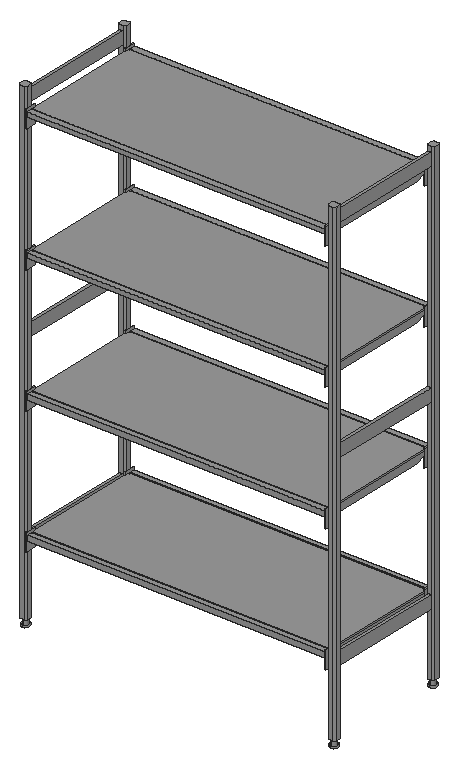
Revit family "QF_ELECTROLUXPROFESSIONAL_137034_BLS1126", category Attrezzature speciali, Revit 2020
Family settings
  Quota connettore circolare = Usa diametro
  Tipo di parte = Normale
  Basato su piano di lavoro = No
  Sempre verticale = Sì
  Taglio con vuoti quando caricato = No
  Condiviso = No
  Punto di calcolo locali = No
Parameters (values of type "Standard")
  Weight = 22.00 kg
  Watts = 0 W
  Volts = 0 V
  URL Manufacturer = "https://www.electroluxprofessional.com/"
  URL = "https://www.electroluxprofessional.com/"
  Steam Supply Size = 0 mm
  Steam Supply Minimum Pressure = 0.0 Pa
  Steam Supply Maximum Pressure = 0.0 Pa
  Steam Consumption per Hour = 0
  Refrigeration Suction Line Size = 0.0 mm
  Refrigeration Liquid Line Size = 0.0 mm
  Refrigerant Compressor Remote = yes
  Prospetto di default = 0.0 mm
  Phase = 0
  Modello = "BLS1126"
  Produttore = "Electrolux Professional"
  Length Actual = 1126.0 mm  # constant formula
  Item Number = "137034"
  Hot Water Size = 0 mm
  Height Actual = 1700.0 mm  # constant formula
  HP = "0 HP"
  Gas Size = 0 mm
  Gas KW = 0
  Gas Input Pressure = 0 W
  Direct Waste Size = 0 mm
  Descrizione = "ALUM.LINEAR SHELV.-POLY.TIERS-475X1126MM"
  Depth Actual = 475.0 mm  # constant formula
  Cycle = 0 Hz
  Condensate Return Size = 0 mm
  Compressed Air Volume = 0.0 L/s
  Compressed Air Size = 0 mm
  Compressed Air Pressure = 0.0 Pa
  Cold Water Size = 0 mm
  Accessory = yes
Reference planes
  plane 1: z = 0
  plane 2 "Center (Left/Right)": x = -31
  plane 3 "LEFT": x = -594
  plane 4 "RIGHT": x = 532
  plane 5 "BACK": y = 23
  plane 6 "FRONT": y = -452
  plane 7 "TOP": z = 1700
  plane 8: x = 527
  plane 9: x = -562
  plane 10: x = 500
  plane 11 "Center (Front/Back)": y = -214.5
  plane 12: x = 495
  plane 13: y = -8.5
  plane 14: y = -420.5
  plane 15 "FEET": z = 25
  plane 16: z = 275
  plane 17: z = 725
  plane 18: z = 1175
  plane 19: z = 1625
  plane 20 "CXLeft": x = -580
  plane 21 "CXRight": x = 518
  plane 22: y = 5.5
  plane 23 "CYBack": y = 5.5
  plane 24 "CYFront": y = -434.5
Forms (mm)
  Extrusion 1, solid, material "QF_Aluminum"
    sketch origin (-594, 0, 0) x (0, 1, 0) y (0, 0, 1)
      loop
        line (4, 1650.994) -> (4, 1632.998) -> (23, 1632.998) -> (23, 1650.994) -> (4, 1650.994)
      loop
        line (-433, 1650.994) -> (-452, 1650.994) -> (-452, 1632.998) -> (-433, 1632.998) -> (-433, 1650.994)
      loop
        line (4, 1200.994) -> (4, 1182.998) -> (23, 1182.998) -> (23, 1200.994) -> (4, 1200.994)
      loop
        line (-433, 1200.994) -> (-452, 1200.994) -> (-452, 1182.998) -> (-433, 1182.998) -> (-433, 1200.994)
      loop
        line (4, 750.994) -> (4, 732.998) -> (23, 732.998) -> (23, 750.994) -> (4, 750.994)
      loop
        line (-433, 750.994) -> (-452, 750.994) -> (-452, 732.998) -> (-433, 732.998) -> (-433, 750.994)
      loop
        line (4, 300.994) -> (4, 282.998) -> (23, 282.998) -> (23, 300.994) -> (4, 300.994)
      loop
        line (-433, 300.994) -> (-452, 300.994) -> (-452, 282.998) -> (-433, 282.998) -> (-433, 300.994)
    from 32 to 1094
  Extrusion 2, solid, material "QF_Polyethylene"
    sketch origin (-594, 0, 0) x (0, 1, 0) y (0, 0, 1)
      loop
        line (2.007, 1650.994) -> (-431, 1650.994) -> (-431, 1644.496) -> (2.007, 1644.496) -> (2.007, 1650.994)
      loop
        line (2.007, 1200.994) -> (-431, 1200.994) -> (-431, 1194.496) -> (2.007, 1194.496) -> (2.007, 1200.994)
      loop
        line (2.007, 750.994) -> (-431, 750.994) -> (-431, 744.496) -> (2.007, 744.496) -> (2.007, 750.994)
      loop
        line (2.007, 300.994) -> (-431, 300.994) -> (-431, 294.496) -> (2.007, 294.496) -> (2.007, 300.994)
    from 32 to 1094
  Extrusion 3, solid, material "QF_Aluminum"
    sketch origin (532, 0, 0) x (0, 1, 0) y (0, 0, 1)
      loop
        line (-12, 1632.998) -> (4, 1632.998) -> (4, 1650.994) -> (2.007, 1650.994) -> (2.007, 1644.496) -> (-431, 1644.496) -> (-431, 1650.994) -> (-433, 1650.994) -> (-433, 1632.998) -> (-417, 1632.998) -> (-383, 1620.994) -> (-46, 1620.994) -> (-12, 1632.998)
      loop
        line (-12, 1182.998) -> (4, 1182.998) -> (4, 1200.994) -> (2.007, 1200.994) -> (2.007, 1194.496) -> (-431, 1194.496) -> (-431, 1200.994) -> (-433, 1200.994) -> (-433, 1182.998) -> (-417, 1182.998) -> (-383, 1170.994) -> (-46, 1170.994) -> (-12, 1182.998)
      loop
        line (-12, 732.998) -> (4, 732.998) -> (4, 750.994) -> (2.007, 750.994) -> (2.007, 744.496) -> (-431, 744.496) -> (-431, 750.994) -> (-433, 750.994) -> (-433, 732.998) -> (-417, 732.998) -> (-383, 720.994) -> (-46, 720.994) -> (-12, 732.998)
      loop
        line (-12, 282.998) -> (4, 282.998) -> (4, 300.994) -> (2.007, 300.994) -> (2.007, 294.496) -> (-431, 294.496) -> (-431, 300.994) -> (-433, 300.994) -> (-433, 282.998) -> (-417, 282.998) -> (-383, 270.994) -> (-46, 270.994) -> (-12, 282.998)
    from -32 to -37
Lines and regions (mm)
  symbolic lines
    curve 1: line (500, 4, 1700) -> (-562, 4, 1700)
    curve 2: line (-566, 23, 1700) -> (504, 23, 1700)
    curve 3: line (504, 13.246, 1700) -> (510.254, 19.5, 1700)
    curve 4: line (510.254, -8.5, 1700) -> (504, -2.246, 1700)
    curve 5: line (510.254, -420.5, 1700) -> (504, -426.754, 1700)
    curve 6: line (-566, -452, 1700) -> (504, -452, 1700)
    curve 7: line (504, 23, 1700) -> (504, -12.993, 1700)
    curve 8: line (504, -12.993, 1700) -> (500, -12.993, 1700)
    curve 9: line (504, -452, 1700) -> (504, -416.007, 1700)
    curve 10: line (504, -416.007, 1700) -> (500, -416.007, 1700)
    curve 11: line (-562, -12.993, 1700) -> (-562, -416.007, 1700)
    curve 12: line (-562, -433, 1700) -> (500, -433, 1700)
    curve 13: line (500, -12.993, 1700) -> (500, -416.007, 1700)
Dimensions and locks
  locked: plane 3 "LEFT" to plane 4 "RIGHT" at 1126
  equal spacing: plane 3 "LEFT", plane 2 "Center (Left/Right)", plane 4 "RIGHT"
  locked: plane 7 "TOP" to level at 1700
  locked: plane 5 "BACK" to plane 6 "FRONT" at 475
  locked: plane 4 "RIGHT" to plane 8 at 5
  locked: plane 9 to plane 10 at 1062
  locked: plane 3 "LEFT" to plane 9 at 32
  plane 12 to plane 10 = 5.0 mm
  locked: plane 13 to plane 14 at 412
  equal spacing: plane 13, plane 11 "Center (Front/Back)", plane 14
  equal spacing: plane 5 "BACK", plane 11 "Center (Front/Back)", plane 6 "FRONT"
  plane 15 "FEET" to level = 25.0 mm
  plane 7 "TOP" to plane 15 "FEET" = 1675.0 mm
  plane 16 to plane 15 "FEET" = 250.0 mm
  plane 17 to plane 16 = 450.0 mm
  plane 18 to plane 17 = 450.0 mm
  plane 19 to plane 18 = 450.0 mm
  locked: plane 3 "LEFT" to plane 20 "CXLeft" at 14
  locked: plane 21 "CXRight" to plane 4 "RIGHT" at 14
  locked: plane 5 "BACK" to plane 23 "CYBack" at 17.5
  locked: plane 24 "CYFront" to plane 6 "FRONT" at 17.5
  aligned and locked: level to plane 1
  aligned and locked: plane 9 to Extrusion 2
  aligned and locked: Extrusion 2 to plane 10
  aligned and locked: plane 9 to Extrusion 1
  aligned and locked: Extrusion 1 to plane 10
  aligned and locked: Extrusion 1 sketch curve to Extrusion 1 sketch curve  (x2)
  aligned and locked: Extrusion 3 sketch curve to Extrusion 3 sketch curve  (x3)
  aligned and locked: Extrusion 3 to plane 12
  aligned and locked: Extrusion 3 to plane 10
  aligned and locked: nested 1 to plane 20 "CXLeft"
  aligned and locked: nested 2 to plane 21 "CXRight"
Automatic sketch dimensions
  Extrusion 1 sketch curve to plane 6 "FRONT" = 0.0 mm  (x4)
  Extrusion 1 sketch curve to plane 5 "BACK" = 0.0 mm  (x4)
  plane 24 "CYFront" to Extrusion 1 sketch curve = 1.5 mm  (x2)
  plane 22 to Extrusion 1 sketch curve = 1.5 mm  (x4)
  plane 16 to Extrusion 1 sketch curve = 7.998 mm  (x2)
  Extrusion 1 sketch curve to Extrusion 1 sketch curve = 17.997 mm  (x8)
  plane 17 to Extrusion 1 sketch curve = 7.998 mm  (x2)
  plane 18 to Extrusion 1 sketch curve = 7.998 mm  (x2)
  plane 19 to Extrusion 1 sketch curve = 7.998 mm  (x2)
  plane 24 "CYFront" to Extrusion 2 sketch curve = 3.5 mm  (x4)
  plane 22 to Extrusion 2 sketch curve = 3.493 mm  (x4)
  plane 16 to Extrusion 2 sketch curve = 19.496 mm
  Extrusion 2 sketch curve to Extrusion 2 sketch curve = 6.499 mm  (x4)
  plane 17 to Extrusion 2 sketch curve = 19.496 mm
  plane 18 to Extrusion 2 sketch curve = 19.496 mm
  plane 19 to Extrusion 2 sketch curve = 19.496 mm
  plane 24 "CYFront" to Extrusion 3 sketch curve = 1.5 mm  (x4)
  Extrusion 3 sketch curve to Extrusion 3 sketch curve = 2.0 mm
  plane 14 to Extrusion 3 sketch curve = 3.5 mm  (x4)
  Extrusion 3 sketch curve to plane 16 = 4.006 mm
  Extrusion 3 sketch curve to Extrusion 3 sketch curve = 34.0 mm  (x4)
  Extrusion 3 sketch curve to plane 17 = 4.006 mm
  Extrusion 3 sketch curve to plane 18 = 4.006 mm
  Extrusion 3 sketch curve to plane 19 = 4.006 mm
  Extrusion 3 sketch curve to plane 13 = 37.5 mm  (x4)
  Extrusion 3 sketch curve to plane 13 = 3.5 mm  (x4)
  plane 22 to Extrusion 3 sketch curve = 3.493 mm  (x4)
  plane 22 to Extrusion 3 sketch curve = 1.5 mm  (x4)
  plane 16 to Extrusion 3 sketch curve = 7.998 mm  (x2)
  Extrusion 3 sketch curve to Extrusion 3 sketch curve = 11.498 mm  (x4)
  Extrusion 3 sketch curve to Extrusion 3 sketch curve = 6.499 mm  (x8)
  plane 17 to Extrusion 3 sketch curve = 7.998 mm  (x2)
  plane 18 to Extrusion 3 sketch curve = 7.998 mm  (x2)
  plane 19 to Extrusion 3 sketch curve = 7.998 mm  (x2)
  curve 6 to plane 6 "FRONT" = 0.0 mm
  curve 12 to plane 9 = 0.0 mm
  curve 12 to plane 10 = 0.0 mm
  curve 5 to plane 14 = 0.0 mm
  curve 11 to plane 9 = 0.0 mm
  curve 8 to plane 10 = 0.0 mm
  curve 4 to plane 13 = 0.0 mm
  curve 1 to plane 9 = 0.0 mm
  curve 1 to plane 10 = 0.0 mm
  curve 2 to plane 5 "BACK" = 0.0 mm
  plane 14 to curve 10 = 4.493 mm
  curve 7 to plane 13 = 4.493 mm
  curve 10 to plane 10 = 4.0 mm
  curve 7 to plane 10 = 4.0 mm
  plane 24 "CYFront" to curve 12 = 1.5 mm
  curve 5 to plane 14 = 6.254 mm
  plane 14 to curve 11 = 4.493 mm
  curve 11 to plane 13 = 4.493 mm
  plane 13 to curve 4 = 6.254 mm
  plane 22 to curve 1 = 1.5 mm
  curve 3 to plane 22 = 7.746 mm
  curve 3 to plane 5 "BACK" = 3.5 mm
  curve 5 to curve 9 = 6.254 mm
  curve 3 to curve 2 = 6.254 mm
  curve 4 to curve 7 = 6.254 mm
  plane 9 to curve 2 = 4.0 mm
  plane 9 to curve 6 = 4.0 mm
Nested families
  nested 1: "WT_Anta475" at (-177, 0, 0), type "WT_Anta475"
  nested 2: "WT_Anta475" at (115, 0, 0) x (-1, 0, 0) z (0, 0, 1), type "WT_Anta475"
Definition of nested family "WT_Anta475"
  Parameters
    WidthLeft = A + 64.0 mm  # 772.0 mm
    Width = 1606.0 mm
    Right = WidthLeft / 2  # 386.0 mm
    Default Elevation = 0.0 mm
    Left = -WidthLeft / 2  # -386.0 mm
    Height = 1725.0 mm
    FEET = 25.0 mm
    E = 0.0 mm
    Dint = Depth - 63.0 mm  # 412.0 mm
    Dext = Depth - 8.0 mm  # 467.0 mm
    Depth = 475.0 mm
    DX = (WidthLeft - A) / 2  # 32.0 mm
    B = 798.0 mm
    A = 708.0 mm
  Reference planes
    plane 1: z = 0
    plane 2 "LEFT": x = -417
    plane 3 "BACK": y = 23
    plane 4 "FRONT": y = -452
    plane 5 "TOP": z = 1725
    plane 6 "Center (Front/Back)": y = -214.5
    plane 7: y = -8.5
    plane 8: y = -420.5
    plane 9 "FEET": z = 25
    plane 10: z = 275
    plane 11: z = 725
    plane 12: z = 1175
    plane 13: z = 1625
    plane 14 "CXLeft": x = -403
    plane 15: y = 5.5
    plane 16 "CYBack": y = 5.5
    plane 17 "CYFront": y = -434.5
    plane 18: x = -385.031
    plane 19: x = -380.031
  Forms (mm)
    Extrusion 1, solid
      sketch origin (0, 0, 0) x (1, 0, 0) y (0, 1, 0)
        loop
          line (-417, 13.246) -> (-417, -2.246) -> (-410.746, -8.5) -> (-395.254, -8.5) -> (-389, -2.246) -> (-389, 13.246) -> (-395.254, 19.5) -> (-410.746, 19.5) -> (-417, 13.246)
      from 1725 to 25
    Extrusion 2, solid
      sketch origin (-417, 0, 0) x (0, 1, 0) y (0, 0, 1)
        loop
          line (23, 246.005) -> (23, 307.993) -> (-12.993, 307.993) -> (-12.993, 246.005) -> (23, 246.005)
        loop
          line (-452, 246.005) -> (-416.007, 246.005) -> (-416.007, 307.993) -> (-452, 307.993) -> (-452, 246.005)
        loop
          line (23, 696.005) -> (23, 757.993) -> (-12.993, 757.993) -> (-12.993, 696.005) -> (23, 696.005)
        loop
          line (-452, 696.005) -> (-416.007, 696.005) -> (-416.007, 757.993) -> (-452, 757.993) -> (-452, 696.005)
        loop
          line (23, 1146.005) -> (23, 1207.993) -> (-12.993, 1207.993) -> (-12.993, 1146.005) -> (23, 1146.005)
        loop
          line (-452, 1146.005) -> (-416.007, 1146.005) -> (-416.007, 1207.993) -> (-452, 1207.993) -> (-452, 1146.005)
        loop
          line (23, 1596.005) -> (23, 1657.993) -> (-12.993, 1657.993) -> (-12.993, 1596.005) -> (23, 1596.005)
        loop
          line (-452, 1596.005) -> (-416.007, 1596.005) -> (-416.007, 1657.993) -> (-452, 1657.993) -> (-452, 1596.005)
      from 28 to 32
    Revolve 3, solid
      sketch origin (-403, 0, 0) x (0, 1, 0) y (0, 0, 1)
        loop
          line (5.5, 25) -> (5.5, 0) -> (19, 0) -> (19, 5) -> (14, 5) -> (14, 25) -> (5.5, 25)
        axis (5.5, 25) -> (5.5, 0)
      angle from 0 to 360
    Extrusion 4, solid
      sketch origin (-403, 0, 0) x (0, 1, 0) y (0, 0, 1)
        loop
          line (-8.5, 912.382) -> (-8.5, 957.374) -> (-420.5, 957.374) -> (-420.5, 912.382) -> (-8.5, 912.382)
        loop
          line (-8.5, 1662.244) -> (-8.5, 1707.236) -> (-420.5, 1707.236) -> (-420.5, 1662.244) -> (-8.5, 1662.244)
      from -5 to 5
    Revolve 5, solid
      sketch origin (-403, -627, 0) x (0, -1, 0) y (0, 0, 1)
        loop
          line (-192.5, 25) -> (-192.5, 0) -> (-179, 0) -> (-179, 5) -> (-184, 5) -> (-184, 25) -> (-192.5, 25)
        axis (-192.5, 25) -> (-192.5, 0)
      angle from 0 to 360
    Extrusion 6, solid
      sketch origin (0, -627, 0) x (1, 0, 0) y (0, 1, 0)
        loop
          line (-417, 184.754) -> (-410.746, 178.5) -> (-395.254, 178.5) -> (-389, 184.754) -> (-389, 200.246) -> (-395.254, 206.5) -> (-410.746, 206.5) -> (-417, 200.246) -> (-417, 184.754)
      from 1725 to 25
    Extrusion 7, solid
      sketch origin (-417.031, -0.022, 0) x (0, 1, 0) y (0, 0, -1)
        loop
          line (-12, -1632.998) -> (-46, -1620.994) -> (-383, -1620.994) -> (-417, -1632.998) -> (-433, -1632.998) -> (-433, -1650.994) -> (-431, -1650.994) -> (-431, -1644.496) -> (2.007, -1644.496) -> (2.007, -1650.994) -> (4, -1650.994) -> (4, -1632.998) -> (-12, -1632.998)
        loop
          line (-12, -1182.998) -> (-46, -1170.994) -> (-383, -1170.994) -> (-417, -1182.998) -> (-433, -1182.998) -> (-433, -1200.994) -> (-431, -1200.994) -> (-431, -1194.496) -> (2.007, -1194.496) -> (2.007, -1200.994) -> (4, -1200.994) -> (4, -1182.998) -> (-12, -1182.998)
        loop
          line (-12, -732.998) -> (-46, -720.994) -> (-383, -720.994) -> (-417, -732.998) -> (-433, -732.998) -> (-433, -750.994) -> (-431, -750.994) -> (-431, -744.496) -> (2.007, -744.496) -> (2.007, -750.994) -> (4, -750.994) -> (4, -732.998) -> (-12, -732.998)
        loop
          line (-12, -282.998) -> (-46, -270.994) -> (-383, -270.994) -> (-417, -282.998) -> (-433, -282.998) -> (-433, -300.994) -> (-431, -300.994) -> (-431, -294.496) -> (2.007, -294.496) -> (2.007, -300.994) -> (4, -300.994) -> (4, -282.998) -> (-12, -282.998)
      from -32 to -37
    Extrusion 8, solid
      sketch origin (-403, 0, -659.878) x (0, 1, 0) y (0, 0, 1)
        loop
          line (-8.5, 912.382) -> (-8.5, 957.374) -> (-420.5, 957.374) -> (-420.5, 912.382) -> (-8.5, 912.382)
        loop
          line (-8.5, 1572.382) -> (-8.5, 1617.374) -> (-420.5, 1617.374) -> (-420.5, 1572.382) -> (-8.5, 1572.382)
        loop
          line (-8.5, 2322.382) -> (-8.5, 2367.374) -> (-420.5, 2367.374) -> (-420.5, 2322.382) -> (-8.5, 2322.382)
      from -5 to 5
  Lines and regions (mm)
    symbolic lines
      curve 1: line (-408, -8.5, 1725) -> (-408, -420.5, 1725)
      curve 2: line (-398, -420.5, 1725) -> (-398, -8.5, 1725)
      curve 3: line (-395.254, -8.5, 1725) -> (-410.746, -8.5, 1725)
      curve 4: line (-417, -2.246, 1725) -> (-410.746, -8.5, 1725)
      curve 5: line (-417, 13.246, 1725) -> (-417, -2.246, 1725)
      curve 6: line (-410.746, 19.5, 1725) -> (-417, 13.246, 1725)
      curve 7: line (-395.254, 19.5, 1725) -> (-410.746, 19.5, 1725)
      curve 8: line (-389, 13.246, 1725) -> (-395.254, 19.5, 1725)
      curve 9: line (-395.254, -8.5, 1725) -> (-389, -2.246, 1725)
      curve 10: line (-395.254, -420.5, 1725) -> (-410.746, -420.5, 1725)
      curve 11: line (-417, -426.754, 1725) -> (-410.746, -420.5, 1725)
      curve 12: line (-410.746, -448.5, 1725) -> (-417, -442.246, 1725)
      curve 13: line (-395.254, -448.5, 1725) -> (-410.746, -448.5, 1725)
      curve 14: line (-389, -442.246, 1725) -> (-395.254, -448.5, 1725)
      curve 15: line (-395.254, -420.5, 1725) -> (-389, -426.754, 1725)
      curve 16: line (-389, -452, 1725) -> (-389, -416.007, 1725)
      curve 17: line (-389, -416.007, 1725) -> (-385, -416.007, 1725)
      curve 18: line (-389, 23, 1725) -> (-389, -12.993, 1725)
      curve 19: line (-389, -12.993, 1725) -> (-385, -12.993, 1725)
      curve 20: line (-417, -426.754, 1725) -> (-417, -442.246, 1725)
      curve 21: line (-385, -452, 1725) -> (-385, -416.007, 1725)
      curve 22: line (-385, -452, 1725) -> (-389, -452, 1725)
      curve 23: line (-385, 23, 1725) -> (-389, 23, 1725)
      curve 24: line (-385, -12.993, 1725) -> (-385, 23, 1725)
      curve 25: line (-385.031, -13.016, 1725) -> (-385.031, -416.029, 1725)
  Dimensions and locks
    "Height": plane 5 "TOP" to level
    "Depth": plane 3 "BACK" to plane 4 "FRONT"
    "Dint": plane 7 to plane 8
    equal spacing: plane 7, plane 6 "Center (Front/Back)", plane 8
    equal spacing: plane 3 "BACK", plane 6 "Center (Front/Back)", plane 4 "FRONT"
    plane 9 "FEET" to level = 25.0 mm
    plane 5 "TOP" to plane 9 "FEET" = 1700.0 mm
    plane 10 to plane 9 "FEET" = 250.0 mm
    plane 11 to plane 10 = 450.0 mm
    plane 12 to plane 11 = 450.0 mm
    plane 13 to plane 12 = 450.0 mm
    locked: plane 2 "LEFT" to plane 14 "CXLeft" at 14
    locked: plane 3 "BACK" to plane 16 "CYBack" at 17.5
    locked: plane 17 "CYFront" to plane 4 "FRONT" at 17.5
    locked: Revolve 3 sketch curve to Revolve 3 sketch curve at 8.5
    locked: Revolve 3 sketch curve to plane 16 "CYBack" at 13.5
    locked: Revolve 5 sketch curve to Revolve 5 sketch curve at 8.5
    aligned and locked: level to plane 1
    aligned and locked: curve 20 to Extrusion 6
    aligned and locked: plane 5 "TOP" to Extrusion 1
    aligned and locked: plane 5 "TOP" to Extrusion 6
    aligned and locked: Extrusion 7 sketch curve to Extrusion 7 sketch curve  (x3)
  Automatic sketch dimensions
    curve 16 to plane 4 "FRONT" = 0.0 mm
    curve 11 to plane 8 = 0.0 mm
    curve 9 to plane 7 = 0.0 mm
    curve 5 to plane 2 "LEFT" = 0.0 mm
    curve 23 to plane 3 "BACK" = 0.0 mm
    plane 4 "FRONT" to curve 13 = 3.5 mm
    curve 20 to plane 17 "CYFront" = 7.746 mm
    curve 20 to plane 8 = 6.254 mm
    plane 8 to curve 16 = 4.493 mm
    curve 24 to plane 18 = 0.031 mm
    curve 24 to plane 7 = 4.493 mm
    plane 7 to curve 5 = 6.254 mm
    curve 5 to plane 15 = 7.746 mm
    curve 6 to plane 3 "BACK" = 3.5 mm
    curve 21 to plane 18 = 0.031 mm
    plane 18 to curve 23 = 3.969 mm
    plane 18 to curve 16 = 3.969 mm
    curve 18 to curve 8 = 6.254 mm
    curve 18 to curve 3 = 6.254 mm
    curve 16 to curve 13 = 6.254 mm
    curve 16 to curve 15 = 6.254 mm
    plane 2 "LEFT" to curve 10 = 6.254 mm
    plane 2 "LEFT" to curve 7 = 6.254 mm
    plane 2 "LEFT" to curve 12 = 6.254 mm
    plane 2 "LEFT" to curve 3 = 6.254 mm
    curve 14 to plane 17 "CYFront" = 7.746 mm
    curve 15 to plane 8 = 6.254 mm
    plane 7 to curve 9 = 6.254 mm
    curve 8 to plane 15 = 7.746 mm
    curve 3 to curve 2 = 2.746 mm
    curve 1 to curve 10 = 2.746 mm
    Extrusion 1 sketch curve to plane 2 "LEFT" = 0.0 mm
    Extrusion 1 sketch curve to plane 7 = 0.0 mm
    plane 2 "LEFT" to Extrusion 1 sketch curve = 6.254 mm  (x2)
    plane 14 "CXLeft" to Extrusion 1 sketch curve = 7.746 mm  (x2)
    Extrusion 1 sketch curve to plane 3 "BACK" = 3.5 mm
    plane 18 to Extrusion 1 sketch curve = 3.969 mm
    plane 7 to Extrusion 1 sketch curve = 6.254 mm  (x2)
    Extrusion 1 sketch curve to plane 15 = 7.746 mm  (x2)
    Extrusion 2 sketch curve to plane 4 "FRONT" = 0.0 mm  (x4)
    Extrusion 2 sketch curve to plane 3 "BACK" = 0.0 mm  (x4)
    plane 8 to Extrusion 2 sketch curve = 4.493 mm  (x4)
    Extrusion 2 sketch curve to plane 7 = 4.493 mm  (x4)
    Extrusion 2 sketch curve to plane 10 = 28.995 mm  (x2)
    plane 10 to Extrusion 2 sketch curve = 32.993 mm  (x2)
    Extrusion 2 sketch curve to plane 11 = 28.995 mm  (x2)
    plane 11 to Extrusion 2 sketch curve = 32.993 mm  (x2)
    Extrusion 2 sketch curve to plane 12 = 28.995 mm  (x2)
    plane 12 to Extrusion 2 sketch curve = 32.993 mm  (x2)
    Extrusion 2 sketch curve to plane 13 = 28.995 mm  (x2)
    plane 13 to Extrusion 2 sketch curve = 32.993 mm  (x2)
    Revolve 3 sketch curve to plane 9 "FEET" = 0.0 mm  (x2)
    Revolve 3 sketch curve to plane 15 = 0.0 mm  (x2)
    Revolve 3 sketch curve to level = 0.0 mm
    level to Revolve 3 sketch curve = 5.0 mm
    Revolve 3 sketch curve to Revolve 3 sketch curve = 11.655 mm
    Extrusion 4 sketch curve to plane 8 = 0.0 mm  (x2)
    Extrusion 4 sketch curve to plane 7 = 0.0 mm  (x2)
    plane 11 to Extrusion 4 sketch curve = 187.382 mm
    Extrusion 4 sketch curve to Extrusion 4 sketch curve = 44.992 mm
    plane 13 to Extrusion 4 sketch curve = 37.244 mm
    Extrusion 4 sketch curve to plane 5 "TOP" = 17.764 mm
    Revolve 5 sketch curve to plane 9 "FEET" = 0.0 mm  (x2)
    Revolve 5 sketch curve to plane 17 "CYFront" = 0.0 mm  (x2)
    Revolve 5 sketch curve to level = 0.0 mm
    Revolve 5 sketch curve to plane 4 "FRONT" = 4.0 mm
    Revolve 5 sketch curve to Revolve 5 sketch curve = 5.0 mm
    level to Revolve 5 sketch curve = 11.655 mm
    Extrusion 6 sketch curve to plane 2 "LEFT" = 0.0 mm
    Extrusion 6 sketch curve to plane 8 = 0.0 mm
    Extrusion 6 sketch curve to plane 2 "LEFT" = 6.254 mm  (x2)
    Extrusion 6 sketch curve to plane 14 "CXLeft" = 7.746 mm  (x2)
    Extrusion 6 sketch curve to plane 4 "FRONT" = 3.5 mm
    Extrusion 6 sketch curve to plane 18 = 3.969 mm
    plane 8 to Extrusion 6 sketch curve = 6.254 mm  (x2)
    plane 17 "CYFront" to Extrusion 6 sketch curve = 7.746 mm  (x2)
    plane 17 "CYFront" to Extrusion 7 sketch curve = 1.478 mm  (x4)
    Extrusion 7 sketch curve to Extrusion 7 sketch curve = 2.0 mm
    plane 8 to Extrusion 7 sketch curve = 3.478 mm  (x4)
    Extrusion 7 sketch curve to plane 10 = 4.006 mm
    Extrusion 7 sketch curve to Extrusion 7 sketch curve = 34.0 mm  (x4)
    Extrusion 7 sketch curve to plane 11 = 4.006 mm
    Extrusion 7 sketch curve to plane 12 = 4.006 mm
    Extrusion 7 sketch curve to plane 13 = 4.006 mm
    Extrusion 7 sketch curve to plane 7 = 37.522 mm  (x4)
    Extrusion 7 sketch curve to plane 7 = 3.522 mm  (x4)
    plane 15 to Extrusion 7 sketch curve = 3.516 mm  (x4)
    plane 15 to Extrusion 7 sketch curve = 1.522 mm  (x4)
    plane 13 to Extrusion 7 sketch curve = 7.998 mm  (x2)
    Extrusion 7 sketch curve to Extrusion 7 sketch curve = 11.498 mm
    Extrusion 7 sketch curve to Extrusion 7 sketch curve = 6.499 mm  (x5)
    plane 12 to Extrusion 7 sketch curve = 25.994 mm  (x2)
    plane 12 to Extrusion 7 sketch curve = 7.998 mm  (x2)
    plane 11 to Extrusion 7 sketch curve = 25.994 mm  (x2)
    plane 11 to Extrusion 7 sketch curve = 7.998 mm  (x2)
    plane 10 to Extrusion 7 sketch curve = 25.994 mm  (x2)
    plane 10 to Extrusion 7 sketch curve = 7.998 mm  (x2)
    curve 25 to plane 18 = 0.0 mm
    plane 8 to curve 25 = 4.471 mm
    curve 25 to plane 7 = 4.516 mm
    Extrusion 8 sketch curve to plane 8 = 0.0 mm  (x3)
    Extrusion 8 sketch curve to plane 7 = 0.0 mm  (x3)
    Extrusion 8 sketch curve to plane 10 = 22.496 mm
    plane 10 to Extrusion 8 sketch curve = 22.496 mm
    plane 11 to Extrusion 8 sketch curve = 187.504 mm
    Extrusion 8 sketch curve to Extrusion 8 sketch curve = 44.992 mm
    plane 13 to Extrusion 8 sketch curve = 37.504 mm
    Extrusion 8 sketch curve to plane 5 "TOP" = 17.504 mm
